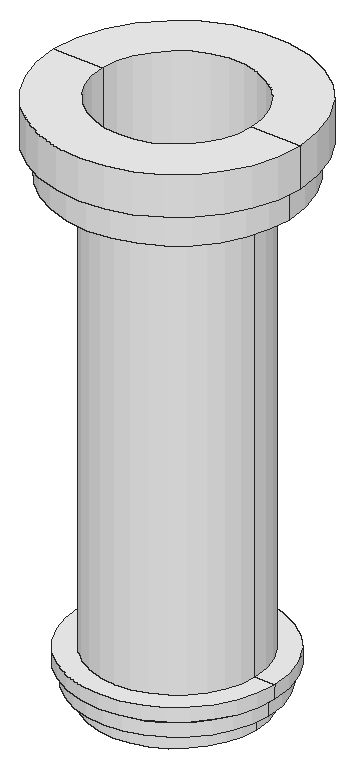
Revit family "106 - TUBO DE CONEXIÓN A MURO", category Uniones de tubería, Revit 2020
Family settings
  Cota de conector redondo = Radio de uso
  Tipo de pieza = Codo
  Número OmniClass = 23.45.05.14.21.11
  Título OmniClass = Bath/Shower Units
  Se basa en plano de trabajo = No
  Siempre vertical = Sí
  Corte con vacíos al cargar = No
  Compartido = No
Parameters (values of type "TUBO DE CONEXIÓN A MURO")
  WFU = 2
  URL = "https://www.fanaloza.cl/producto/tubo-de-conexion-taza-muro/"
  Sanitary Radius = 20 mm
  HWFU = 1
  F_Tolerancia dimensional = ""
  F_Tipo de instalación = "A muro"
  F_Tipo de aro = ""
  F_SKU = "SC0024610001BO"
  F_Profundidad = 31.00 cm
  F_Productos necesarios para instalación = ""
  F_Productos incluidos = ""
  F_Peso = 0.43 kgf
  F_Distancia de instalación a muro terminado (cm) = ""
  F_Descripción = "Tubo de conexión para inodoro multidescarga, para instalación muro. Fabricado en PVC de alta resistencia"
  F_Contacto comercial = "ventas@fanaloza.cl"
  F_Consumo / Capacidad de agua (L) = ""
  F_Color = "Blanco"
  F_Certificación = ""
  F_Ancho = 14.20 cm
  F_Alto = 14.20 cm
  Elevación por defecto = 0.00 cm
  CWFU = 1
  Bath Tub Material = none
  Flow Pressure [instance] = 55158.0 Pa
  Faucet Material = none
  Cold Water Radius = 7.5 mm
Reference planes (cm)
  plane 1 "Center (Front/Back)": y = 0
  plane 2: z = 0
  plane 3 "Center (Left/Right)": x = 0
Dimensions and locks (cm)
  aligned and locked: plane 3 "Center (Left/Right)" to nested 1
  aligned and locked: level to nested 1
Nested families (cm)
  nested 1: "TUBO DE CONEXIÓN A MURO" at (17.5766, 0, 0), type "TUBO DE CONEXIÓN A MURO"
    with Flow Pressure 55158.0 Pa
Connectors (cm)
  piping at (0, 0, 31), diameter 7.2
    settings: on nested 1, index 1, connector inside diameter 609.6 mm, connector length 0.00 cm, flow factor 0, pipe flow 0.0 L/s, pressure drop 0.0 Pa, fitting loss kfactor 0, connector angle 0.00°, fixture units 0, engagement length 0.00 cm, angle of deflection 0.00°, flow configuration 3, flow direction 2, fitting loss method 4, system type 16, joint type 0, gender type 0, connector reference index -1, connector utility 0, adjustable connector no, is connector primary yes, connector description "OUT"
  piping at (0, 0, 0), diameter 7.2
    settings: on nested 1, index 2, connector inside diameter 609.6 mm, connector length 0.00 cm, flow factor 0, pipe flow 0.0 L/s, pressure drop 0.0 Pa, fitting loss kfactor 0, connector angle 0.00°, fixture units 0, engagement length 0.00 cm, angle of deflection 0.00°, flow configuration 3, flow direction 2, fitting loss method 4, system type 16, joint type 0, gender type 0, connector reference index -1, connector utility 0, adjustable connector no, is connector primary no, connector description "OUT"
Definition of nested family "TUBO DE CONEXIÓN A MURO"
  Parameters (values of type "TUBO DE CONEXIÓN A MURO")
    WFU = 2
    Sanitary Radius = 20 mm
    HWFU = 3
    F_Tolerancia dimensional = ""
    F_Tipo de instalación = ""
    F_Tipo de aro = ""
    F_SKU = ""
    F_Profundidad = 0.00 cm
    F_Productos necesarios para instalación = ""
    F_Productos incluidos = ""
    F_Peso = 0.00 kgf
    F_Distancia de instalación a muro terminado (cm) = ""
    F_Descripción = ""
    F_Contacto comercial = ""
    F_Consumo / Capacidad de agua (L) = ""
    F_Color = ""
    F_Certificación = ""
    F_Ancho = 0.00 cm
    F_Alto = 0.00 cm
    Flow Pressure [instance] = 55158.0 Pa
    Default Elevation = 121.92 cm
    Cold Water Radius = 7.5 mm
    PVC = none
    CWFU = 3
  Reference planes (cm)
    plane 1 "Center (Front/Back)": y = 0
    plane 2: z = 0
    plane 3: x = -17.5766
  Forms (cm)
    Revolve 1, solid, material <- "PVC"
      sketch origin (0, 0, 0) x (1, 0, 0) y (0, 0, 1)
        loop
          line (-21.8766, 31) -> (-24.6766, 31) -> (-24.6766, 28.8) -> (-24.0766, 28.8) -> (-24.0766, 27) -> (-22.0766, 27) -> (-22.0766, 2.7) -> (-23.2266, 2.7) -> (-23.2266, 1.95) -> (-22.0766, 1.95) -> (-22.0766, 1.725) -> (-22.8766, 1.725) -> (-22.8766, 0.975) -> (-22.0766, 0.975) -> (-22.0766, 0.75) -> (-22.1766, 0.75) -> (-22.1766, 0) -> (-21.8766, 0) -> (-21.8766, 31)
        axis (-17.5766, 31) -> (-17.5766, 0)
      angle from 0 to 360
